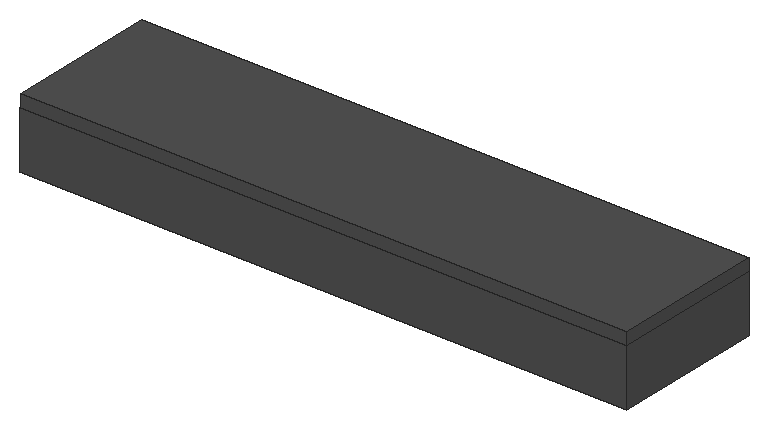
Revit family "63d3af9ddf1c4717818a9ce805fe445b", category Lighting Fixtures, host Ceiling, Revit 2021
Family settings
  Host = Ceiling
  Round Connector Dimension = Use Diameter
  Part Type = Normal
  OmniClass Number = 23.80.70.11.14.11
  OmniClass Title = Downlights
  Seek Item ID = Troffer Light - Lens-0000-USA-ENU
  Always vertical = Yes
  Cut with Voids When Loaded = No
  Light Source = Yes
  Shared = No
  Room Calculation Point = No
Parameters (values of type "1'x4'(2 Lamp) - 120V")
  Wattage = 80 W
  built-in parameter 1150110 = 1 (stored number, unit not read)
  built-in parameter 1114217 = 0.88 (stored number, unit not read)
  built-in parameter 1150109 = 1 (stored number, unit not read)
  built-in parameter 1150134 = 8
  built-in parameter 1150113 = 1 (stored number, unit not read)
  built-in parameter 1150115 = 1 (stored number, unit not read)
  built-in parameter 1150105 = 2005.4 (stored number, unit not read)
  Load Classification = Lighting - Dwelling Unit
  Light Source Symbol Size = 2' - 0"
  built-in parameter 1150137 = 1
  built-in parameter 1150139 = (empty or 0)
  built-in parameter 1150112 = 1 (stored number, unit not read)
  built-in parameter 1150114 = 1 (stored number, unit not read)
  built-in parameter 1150132 = (empty or 0)
  built-in parameter 1150102 = (empty or 0)
  built-in parameter 1150138 = (empty or 0)
  built-in parameter 1150107 = 4230 (stored number, unit not read)
  built-in parameter 1150106 = 20.054 (stored number, unit not read)
  Emit from Rectangle Width = Box Width - 0' 2"  # 0' - 9 31/32"
  Emit from Rectangle Length = Box Length - 0' 2"  # 3' - 10"
  Emit Shape Visible in Rendering = no
  built-in parameter 1150104 = 7.3161 (stored number, unit not read)
  Dimming Lamp Color Temperature Shift = <None>
  Default Elevation = 0' - 0"
  Color Filter = 16777215
  built-in parameter 1140040 [instance] = 1
  Ballast Voltage = 120 V
  Ballast Number of Poles = 1
  built-in parameter 1114218 = 0.88 (stored number, unit not read)
  built-in parameter 1150133 = 10 (stored number, unit not read)
  Assembly Code = "D5020210"
  Circle Diameter = Box Width * 0.6  # 0' - 7.18125"
  Diffuser Material = Glass, White, High Luminance
  Lamp = "T-12"
  Box Length = 4' - 0"
  Light Box Material = Steel, Chrome Plated
  Lumens = 6300 lm
  Wattage Comments = ""
  Box Width = 0' - 11 31/32"
  Apparent Load = 80 VA
Types (10): name | Wattage | built-in parameter 1114217 | built-in parameter 1150105 | built-in parameter 1150106 | Emit from Rectangle Width | Emit from Rectangle Length | built-in parameter 1150104 | Ballast Voltage | built-in parameter 1114218 | Circle Diameter | Box Length | Lumens | Box Width | Apparent Load
  2'x4'(4 Lamp) - 120V | 160 W | 0.95 (stored number, unit not read) | 4010.7 (stored number, unit not read) | 40.107 (stored number, unit not read) | 1' - 10" | 3' - 10" | 7.3161 (stored number, unit not read) | 120 V | 0.95 (stored number, unit not read) | 1' - 2.4" | 4' - 0" | 12600 lm | 2' - 0" | 160 VA
  2'x4'(4 Lamp) - 277V | 160 W | 0.95 (stored number, unit not read) | 4010.7 (stored number, unit not read) | 40.107 (stored number, unit not read) | 1' - 10" | 3' - 10" | 7.3161 (stored number, unit not read) | 277 V | 0.95 (stored number, unit not read) | 1' - 2.4" | 4' - 0" | 12600 lm | 2' - 0" | 160 VA
  1'x4'(2 Lamp) - 120V | 80 W | 0.88 (stored number, unit not read) | 2005.4 (stored number, unit not read) | 20.054 (stored number, unit not read) | 0' - 9 31/32" | 3' - 10" | 7.3161 (stored number, unit not read) | 120 V | 0.88 (stored number, unit not read) | 0' - 7.18125" | 4' - 0" | 6300 lm | 0' - 11 31/32" | 80 VA
  1'x4'(2 Lamp) - 277V | 80 W | 0.88 (stored number, unit not read) | 2005.4 (stored number, unit not read) | 20.054 (stored number, unit not read) | 0' - 9 31/32" | 3' - 10" | 7.3161 (stored number, unit not read) | 277 V | 0.88 (stored number, unit not read) | 0' - 7.18125" | 4' - 0" | 6300 lm | 0' - 11 31/32" | 80 VA
  2'x2'(2 Lamp) - 120V | 40 W | 0.88 (stored number, unit not read) | 827.61 (stored number, unit not read) | 8.2761 (stored number, unit not read) | 1' - 10" | 1' - 10" | 6.0387 (stored number, unit not read) | 120 V | 0.88 (stored number, unit not read) | 1' - 2.4" | 2' - 0" | 2600 lm | 2' - 0" | 40 VA
  2'x2'(2 Lamp) - 277V | 40 W | 0.88 (stored number, unit not read) | 827.61 (stored number, unit not read) | 8.2761 (stored number, unit not read) | 1' - 10" | 1' - 10" | 6.0387 (stored number, unit not read) | 277 V | 0.88 (stored number, unit not read) | 1' - 2.4" | 2' - 0" | 2600 lm | 2' - 0" | 40 VA
  2'x2'(4 Lamp) - 120V | 80 W | 0.88 (stored number, unit not read) | 1655.2 (stored number, unit not read) | 16.552 (stored number, unit not read) | 1' - 10" | 1' - 10" | 6.0387 (stored number, unit not read) | 120 V | 0.88 (stored number, unit not read) | 1' - 2.4" | 2' - 0" | 5200 lm | 2' - 0" | 80 VA
  2'x2'(4 Lamp) - 277V | 80 W | 0.88 (stored number, unit not read) | 1655.2 (stored number, unit not read) | 16.552 (stored number, unit not read) | 1' - 10" | 1' - 10" | 6.0387 (stored number, unit not read) | 277 V | 0.88 (stored number, unit not read) | 1' - 2.4" | 2' - 0" | 5200 lm | 2' - 0" | 80 VA
  2'x4'(2 Lamp) - 120V | 80 W | 0.88 (stored number, unit not read) | 1655.2 (stored number, unit not read) | 16.552 (stored number, unit not read) | 1' - 10" | 3' - 10" | 6.0387 (stored number, unit not read) | 120 V | 0.88 (stored number, unit not read) | 1' - 2.4" | 4' - 0" | 5200 lm | 2' - 0" | 80 VA
  2'x4'(2 Lamp) - 277V | 80 W | 0.88 (stored number, unit not read) | 1655.2 (stored number, unit not read) | 16.552 (stored number, unit not read) | 1' - 10" | 3' - 10" | 6.0387 (stored number, unit not read) | 277 V | 0.88 (stored number, unit not read) | 1' - 2.4" | 4' - 0" | 5200 lm | 2' - 0" | 80 VA
Reference planes (in)
  plane 1 "Light Source Axis": y = -2.34118
  plane 2 "Ceiling": z = 96
  plane 3 "Light Source Axis": x = -0.73636
  plane 4 "Light Source Elevation": z = 95
  plane 5: x = -24.73636
  plane 6: x = 23.26364
  plane 7: y = 3.6432
  plane 8: y = -8.32555
Forms (in)
  Extrusion 1, solid, material "Steel, Chrome Plated" <- "Light Box Material"
    sketch origin (0, 0, 96) x (1, 0, 0) y (0, 1, 0)
      loop
        line (-24.73636, 3.6432) -> (-24.73636, -8.32555) -> (23.26364, -8.32555) -> (23.26364, 3.6432) -> (-24.73636, 3.6432)
      loop
        line (-23.73636, 2.6432) -> (-23.73636, -7.32555) -> (22.26364, -7.32555) -> (22.26364, 2.6432) -> (-23.73636, 2.6432)
    from 0 to 4.5
  Extrusion 2, solid, material "Steel, Chrome Plated" <- "Light Box Material"
    sketch origin (0, 0, 96) x (1, 0, 0) y (0, 1, 0)
      loop
        line (-24.73636, 3.6432) -> (-24.73636, -8.32555) -> (23.26364, -8.32555) -> (23.26364, 3.6432) -> (-24.73636, 3.6432)
    from 4.5 to 5.5
  Extrusion 3, solid, material "Glass, White, High Luminance" <- "Diffuser Material"
    sketch origin (0, 0, 96) x (1, 0, 0) y (0, 1, 0)
      loop
        line (-23.73636, 2.6432) -> (-23.73636, -7.32555) -> (22.26364, -7.32555) -> (22.26364, 2.6432) -> (-23.73636, 2.6432)
    from 0 to 0.25
Lines and regions (in)
  Opening 1
    outline origin (0, 0, 96) x (1, 0, 0) y (0, 1, 0)
      loop
        line (-24.73636, 3.6432) -> (-24.73636, -8.32555) -> (23.26364, -8.32555) -> (23.26364, 3.6432) -> (-24.73636, 3.6432)
  model lines
    curve 1: line (-24.73636, 3.6432, 96) -> (23.26364, 3.6432, 96)
    curve 2: line (-24.73636, -8.32555, 96) -> (-24.73636, 3.6432, 96)
    curve 3: line (23.26364, -8.32555, 96) -> (-24.73636, -8.32555, 96)
    curve 4: line (23.26364, 3.6432, 96) -> (23.26364, -8.32555, 96)
    curve 5: line (-23.73636, 2.6432, 96) -> (22.26364, 2.6432, 96)
    curve 6: line (-23.73636, -7.32555, 96) -> (-23.73636, 2.6432, 96)
    curve 7: line (22.26364, -7.32555, 96) -> (-23.73636, -7.32555, 96)
    curve 8: line (22.26364, 2.6432, 96) -> (22.26364, -7.32555, 96)
  symbolic lines
    curve 9: line (-2.53702, -5.44766, 0) -> (-23.73636, -7.32555, 0)
    curve 10: line (22.26364, -7.32555, 0) -> (1.0643, -5.44766, 0)
    curve 11: line (22.26364, 2.6432, 0) -> (1.0643, 0.7653, 0)
    curve 12: arc (-4.32698, -2.34118, 0) -> (-0.73636, -5.9318, 0) -> (2.85427, -2.34118, 0) r 3.59063
    curve 13: arc (2.85427, -2.34118, 0) -> (-0.73636, 1.24945, 0) -> (-4.32698, -2.34118, 0) r 3.59063
    curve 14: line (-23.73636, 2.6432, 0) -> (-2.53702, 0.7653, 0)
    curve 15: line (-23.73636, 2.6432, 0) -> (-23.73636, -7.32555, 0)
    curve 16: line (-23.73636, -7.32555, 0) -> (22.26364, -7.32555, 0)
    curve 17: line (22.26364, -7.32555, 0) -> (22.26364, 2.6432, 0)
    curve 18: line (22.26364, 2.6432, 0) -> (-23.73636, 2.6432, 0)
Dimensions and locks (in)
  equal spacing: host sketch curve, plane 3 "Light Source Axis", host sketch curve
  equal spacing: host sketch curve, plane 1 "Light Source Axis", host sketch curve
  host sketch curve to host sketch curve = 10' - 0"  (x2)
  equal spacing: plane 5, plane 3 "Light Source Axis", plane 6
  equal spacing: plane 8, plane 1 "Light Source Axis", plane 7
  "Box Length": plane 5 to plane 6
  "Box Width": plane 8 to plane 7
  locked: Extrusion 1 sketch curve to Extrusion 1 sketch curve at 1
  locked: curve 8 to plane 6 at 1
  locked: plane 5 to curve 6 at 1
  locked: curve 5 to plane 7 at 1
  locked: plane 8 to curve 7 at 1
  "Circle Diameter": curve 13 to curve 13
  aligned and locked: plane 3 "Light Source Axis" to imposter light
  aligned and locked: plane 1 "Light Source Axis" to imposter light
  aligned and locked: plane 2 "Ceiling" to imposter light
Automatic sketch dimensions
  Opening 1 sketch curve to plane 5 = 0' - 0"
  Opening 1 sketch curve to plane 6 = 0' - 0"
  Opening 1 sketch curve to plane 8 = 0' - 0"
  Opening 1 sketch curve to plane 7 = 0' - 0"
  Extrusion 1 sketch curve to plane 5 = 0' - 0"
  Extrusion 1 sketch curve to plane 6 = 0' - 0"
  Extrusion 1 sketch curve to plane 8 = 0' - 0"
  Extrusion 1 sketch curve to plane 7 = 0' - 0"
  Extrusion 1 sketch curve to plane 5 = 0' - 1"
  plane 6 to Extrusion 1 sketch curve = 0' - 1"
  Extrusion 1 sketch curve to plane 8 = 0' - 1"
  Extrusion 2 sketch curve to plane 5 = 0' - 0"
  Extrusion 2 sketch curve to plane 6 = 0' - 0"
  Extrusion 2 sketch curve to plane 8 = 0' - 0"
  Extrusion 2 sketch curve to plane 7 = 0' - 0"
  Extrusion 3 sketch curve to plane 5 = 0' - 1"
  plane 6 to Extrusion 3 sketch curve = 0' - 1"
  Extrusion 3 sketch curve to plane 8 = 0' - 1"
  plane 7 to Extrusion 3 sketch curve = 0' - 1"
  curve 3 to plane 5 = 0' - 0"
  curve 12 to plane 1 "Light Source Axis" = 0' - 0"
  curve 12 to plane 3 "Light Source Axis" = 0' - 0"
  curve 4 to plane 6 = 0' - 0"
  curve 4 to plane 8 = 0' - 0"
  curve 1 to plane 7 = 0' - 0"
  curve 14 to curve 5 = 0' - 0"  (x2)
  curve 9 to curve 6 = 0' - 0"  (x2)
  curve 9 to plane 3 "Light Source Axis" = 0' - 1.80066"
  plane 3 "Light Source Axis" to curve 11 = 0' - 1.80066"
  plane 3 "Light Source Axis" to curve 10 = 0' - 1.80066"
  curve 11 to curve 5 = 0' - 0"  (x2)
  curve 10 to curve 7 = 0' - 0"  (x2)
  curve 14 to curve 11 = 0' - 0"
  curve 15 to plane 5 = 0' - 1"
  plane 6 to curve 17 = 0' - 1"
  curve 15 to plane 8 = 0' - 1"
  plane 7 to curve 17 = 0' - 1"
Connectors (in)
  electrical at (-0.73636, -2.34118, 96.25), driven by "Apparent Load", driven by "Ballast Voltage", driven by "Ballast Number of Poles", driven by "Load Classification"
    settings: on Extrusion 3, index 1, voltage 120 V, apparent load 0 VA, apparent load phase1 80 VA, apparent load phase2 0 VA, apparent load phase3 0 VA, power factor 0.95, load classification "Lighting - Dwelling Unit", number of poles 1, system type 31, power factor state 1, is connector primary yes, connector utility no, sub classification motor no, connector description ""
